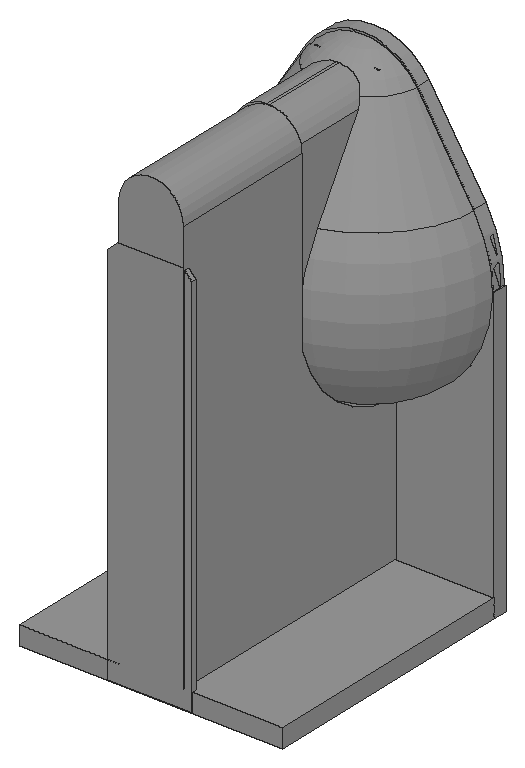
Revit family "Toilet-Willoughby-ASETWS-1490-FM-BS", category Plumbing Fixtures, Revit 2015
Parameters (values of type "Standard")
  Waste DIA = 2 3/8"
  Waste Connection = yes
  W-RAD [instance] = Waste DIA / 2  # 0' - 1 3/16"
  Vent Connection = no
  URL = "https://www.willoughby-ind.com/wp-content/uploads/2018/01/ASETWS-1490-FM.pdf"
  Type Comments = ""
  Revision = "A"
  Model = "ASETWS-1490-FM-BS"
  Manufacturer = "Willoughby Industries"
  HW Connection = no
  Flush inlet DIA = 1 1/2"
  Flush Inlet Connection = yes
  Fixture Body = Stainless Steel AISI 304-Willoughby
  F-RAD [instance] = Flush inlet DIA / 2  # 0' - 0 3/4"
  Description = "Ligature resistant, Wall Outlet, Floor Mounted siphon jet Toilet, Back Spud"
  Default Elevation = 0' - 0"
  Contact Number = "(800) 428-4065"
  CW Connection = no
Reference planes (in)
  plane 1 "Base": y = -16.25
  plane 2: z = 0
  plane 3 "Center": x = 18.31072
  plane 4 "ref": y = -4.75
  plane 5: y = -1.25
  plane 6: z = -6.75
  plane 7: y = -2.125
  plane 8: y = -14.0625
  plane 9: y = 0.5
  plane 10: x = 16.56072
  plane 11: x = 20.06072
  plane 12: x = 11.56072
  plane 13: x = 25.06072
  plane 14: z = -3
  plane 15: z = 25
  plane 16 "Waste HGT": y = -10.75
  plane 17: y = -3.125
Forms (in)
  Extrusion 1, solid, material "Stainless Steel AISI 304-Willoughby" <- "Fixture Body"
    sketch origin (16.08109, 7.47968, -7.1422) x (-1, 0, 0) y (0, 0, -1)
      loop
        line (4.79775, -22.86304) -> (4.83287, -22.86304) -> (4.83287, -7.1422) -> (-2.22963, -7.1422) -> (-9.29213, -7.1422) -> (-9.29213, -22.86304) -> (-9.20225, -22.86304)
        arc (-9.20225, -22.86304) -> (-8.94967, -24.72647) -> (-8.21015, -26.45542) r 7
        line (-8.21015, -26.45542) -> (-5.16818, -31.31054)
        arc (-5.16818, -31.31054) -> (-2.20225, -32.95225) -> (0.76368, -31.31054) r 3.5
        line (0.76368, -31.31054) -> (3.80565, -26.45542)
        arc (3.80565, -26.45542) -> (4.54517, -24.72647) -> (4.79775, -22.86304) r 7
      loop
        arc (2.03989, -24.70557) -> (-2.20225, -18.23804) -> (-6.44438, -24.70557) r 4.625
        line (-6.44438, -24.70557) -> (-4.04125, -30.23842)
        arc (-4.04125, -30.23842) -> (-2.20225, -31.45225) -> (-0.36324, -30.23842) r 2
        line (-0.36324, -30.23842) -> (2.03989, -24.70557)
    from 8.72968 to 9.5
  Revolve 2, solid, material "Stainless Steel AISI 304-Willoughby" <- "Fixture Body"
    sketch origin (19.37246, -1.52032, -3.93826) x (-1, 0, 0) y (0, 0, -1)
      loop
        line (1.06174, -12.59906) -> (1.06174, -12.84906)
        arc (1.06174, -12.84906) -> (6.96784, -16.33096) -> (6.78077, -23.18447) r 6.75
        line (6.78077, -23.18447) -> (3.81535, -27.91457)
        arc (3.81535, -27.91457) -> (2.63527, -29.03194) -> (1.06174, -29.43826) r 3.25
        line (1.06174, -29.43826) -> (1.06174, -29.68826)
        arc (1.06174, -29.68826) -> (2.75672, -29.25045) -> (4.02767, -28.04656) r 3.5
        line (4.02767, -28.04656) -> (7.06964, -23.19143)
        arc (7.06964, -23.19143) -> (7.15052, -16.14555) -> (1.06174, -12.59906) r 7
      axis (1.06174, -12.59906) -> (1.06174, -29.68826)
    angle from 0 to -180
  Extrusion 3, solid, material "Stainless Steel AISI 304-Willoughby" <- "Fixture Body"
    sketch origin (19.53334, -3.02032, -4.9508) x (0, 1, 0) y (0, 0, 1)
      loop
        line (-5.27082, 4.9508) -> (1, 4.9508) -> (1, 13.76086)
        arc (1, 13.76086) -> (-2.93256, 15.26109) -> (-5.27082, 18.76086) r 6.92744
        line (-5.27082, 18.76086) -> (-5.27082, 4.9508)
    from 0.52738 to -2.97262
  Extrusion 4, solid, material "Stainless Steel AISI 304-Willoughby" <- "Fixture Body"
    sketch origin (0, 8.59309, -3) x (1, 0, 0) y (0, 1, 0)
      loop
        circle (18.31072, -19.34309) r 1.1875
    from 5.5 to 0
  Extrusion 5, solid, material "Stainless Steel AISI 304-Willoughby" <- "Fixture Body"
    sketch origin (0, -3.625, 0) x (1, 0, 0) y (0, 1, 0)
      loop
        circle (18.31072, 0.5) r 0.75
    from 0 to 1
  Extrusion 6, solid, material "Stainless Steel AISI 304-Willoughby" <- "Fixture Body"
    sketch origin (0, -16.25, 0) x (1, 0, 0) y (0, 0, 1)
      loop
        line (11.24822, 0) -> (25.37322, 0) -> (25.37322, 0.99998) -> (11.24822, 0.99998) -> (11.24822, 0)
    from -14.22968 to 0
  Extrusion 7, solid, material "Stainless Steel AISI 304-Willoughby" <- "Fixture Body"
    sketch origin (0, -16.25, 0) x (1, 0, 0) y (0, 0, 1)
      loop
        line (20.06072, 0) -> (20.06072, 23.28412)
        arc (20.06072, 23.28412) -> (18.31072, 25.03412) -> (16.56072, 23.28412) r 1.75
        line (16.56072, 23.28412) -> (16.56072, 0) -> (20.06072, 0)
    from 0 to -7.95886
  Extrusion 8, solid, material "Stainless Steel AISI 304-Willoughby" <- "Fixture Body"
    sketch origin (-0.06578, -16.25, 7) x (1, 0, 0) y (0, 0, 1)
      loop
        line (20.06072, -7) -> (20.56072, -7) -> (20.56072, 13.75) -> (20.06072, 14.25) -> (16.56072, 14.25) -> (16.06072, 13.75) -> (16.06072, -7) -> (16.56072, -7) -> (20.06072, -7)
    from 0 to -0.25
  Extrusion 9, solid, material "Stainless Steel AISI 304-Willoughby" <- "Fixture Body"
    sketch origin (18.31072, 0, 0) x (0, 1, 0) y (0, 0, 1)
      loop
        line (-3.0438, 25.03193) -> (-8.29114, 25.03193) -> (-8.29114, 16.73622)
        arc (-8.29114, 16.73622) -> (-8.25839, 17.11069) -> (-8.16113, 17.47379) r 2.15729
        arc (-8.16113, 17.47379) -> (-7.78826, 18.37428) -> (-7.33828, 19.23882) r 11.16687
        arc (-7.33828, 19.23882) -> (-5.85557, 21.70663) -> (-4.28753, 24.12112) r 82.3759
        arc (-4.28753, 24.12112) -> (-3.71235, 24.64027) -> (-3.0438, 25.03193) r 3.79911
    from 1.75 to -1.75
  Extrusion 10, void
    sketch origin (0, -16.25, 0) x (1, 0, 0) y (0, 0, 1)
      loop
        arc (16.43207, 23.28193) -> (16.94463, 24.51936) -> (18.18207, 25.03193) r 1.75
        line (18.18207, 25.03193) -> (16.43207, 25.03193) -> (16.43207, 23.28193)
    from -7.95886 to -13.18331
  Extrusion 11, void
    sketch origin (0, -16.25, 0) x (1, 0, 0) y (0, 0, 1)
      loop
        arc (18.34313, 25.03193) -> (19.49966, 24.59853) -> (20.12234, 23.53193) r 1.84176
        line (20.12234, 23.53193) -> (20.12234, 25.03193) -> (18.34313, 25.03193)
    from -7.95886 to -13.18919
Cuts and joins
  joined: Extrusion 3, Extrusion 6, Extrusion 7
  Extrusion 10, Extrusion 11 cuts Extrusion 9
Lines and regions (in)
  symbolic lines
    curve 1: line (13.81072, -16.25, 0) -> (13.81072, -1.25, 0)
    curve 2: line (22.81072, -16.25, 0) -> (22.81072, -1.25, 0)
    curve 3: line (13.81072, -16.25, 0) -> (22.81072, -16.25, 0)
    curve 4: line (11.28334, -2.02032, 0) -> (11.28334, -1.25, 0)
    curve 5: line (11.28334, -1.25, 0) -> (25.28334, -1.25, 0)
    curve 6: line (25.28334, -1.25, 0) -> (25.28334, -2.02032, 0)
    curve 7: line (14.78334, -1.25, 0) -> (14.78334, 1.75, 0)
    curve 8: line (14.78334, 1.75, 0) -> (21.81072, 1.75, 0)
    curve 9: line (21.81072, 1.75, 0) -> (21.81072, -1.25, 0)
    curve 10: arc (25.28334, -2.02032, 0) -> (23.08185, -6.64916, 0) -> (18.31072, -8.52239, 0) r 6.97293
    curve 11: arc (18.31072, -8.52239, 0) -> (13.52793, -6.64299, 0) -> (11.28334, -2.02032, 0) r 7.06571
    curve 12: line (16.56072, -8.2982, 0) -> (16.56072, -16.25, 0)
    curve 13: line (20.06072, -16.25, 0) -> (20.06072, -8.30327, 0)
    curve 18: line (13.81072, -16.25, 0) -> (22.81072, -16.25, 0)
    curve 19: line (22.81072, -16.25, 0) -> (22.81072, -16.25, 1)
    curve 20: line (22.81072, -16.25, 1) -> (21.81072, -16.25, 1)
    curve 21: line (21.81072, -16.25, 0) -> (21.81072, -16.25, 9.67456)
    curve 22: line (14.78334, -16.25, 0) -> (14.78334, -16.25, 9.65867)
    curve 23: line (14.78334, -16.25, 1) -> (13.81072, -16.25, 1)
    curve 24: line (13.81072, -16.25, 1) -> (13.81072, -16.25, 0)
    curve 25: line (21.81072, -16.25, 5) -> (14.78334, -16.25, 5)
    curve 26: arc (21.81072, -16.25, 9.67456) -> (25.06245, -16.25, 13.97624) -> (24.29124, -16.25, 19.31322) r 7
    curve 27: line (24.29124, -16.25, 19.31322) -> (21.24927, -16.25, 24.16835)
    curve 28: arc (21.24927, -16.25, 24.16835) -> (19.98923, -16.25, 25.34792) -> (18.31072, -16.25, 25.75) r 3.37397
    curve 29: arc (18.31072, -16.25, 25.75) -> (16.62783, -16.25, 25.31163) -> (15.31741, -16.25, 24.16835) r 3.79331
    curve 30: line (15.31741, -16.25, 24.16835) -> (12.35249, -16.25, 19.43905)
    curve 31: arc (12.35249, -16.25, 19.43905) -> (11.49002, -16.25, 14.03241) -> (14.78334, -16.25, 9.65867) r 7
    curve 37: line (18.31072, -8.45513, 16.43593) -> (18.31072, -16.25, 16.43593)
    curve 38: line (18.31072, -16.25, 16.43593) -> (18.31072, -16.25, 0)
    curve 39: line (18.31072, -16.25, 0) -> (18.31072, 1.75, 0)
    curve 40: line (18.31072, -1.25, 5) -> (18.31072, -1.25, 25.81005)
    curve 41: line (18.31072, -1.25, 25.81005) -> (18.31072, -2.02032, 25.81005)
    curve 42: arc (18.31072, -2.02032, 25.81005) -> (18.31072, -3.17426, 25.3587) -> (18.31072, -4.14211, 24.58504) r 4.1253
    curve 43: line (18.31072, -4.14211, 24.58504) -> (18.31072, -7.52822, 19.25317)
    curve 44: arc (18.31072, -7.52822, 19.25317) -> (18.31072, -8.16721, 17.9023) -> (18.31072, -8.45513, 16.43593) r 6.04234
    curve 45: arc (18.31072, -8.45513, 16.43593) -> (18.31072, -8.2983, 15.12766) -> (18.31072, -8.29114, 13.81005) r 11.57712
    curve 46: arc (18.31072, -8.29114, 13.81005) -> (18.31072, -5.95289, 10.31029) -> (18.31072, -2.02032, 8.81005) r 6.92744
    curve 47: line (18.31072, -1.25, 9.65867) -> (18.31072, -2.02032, 9.65867)
    curve 48: line (18.31072, -2.02032, 9.65867) -> (18.31072, -2.02032, 1)
    curve 49: line (18.31072, -2.02032, 1) -> (18.31072, -16.25, 1)
  symbolic lines, detail levels medium+fine
    curve 14: line (20.06072, -16, 0) -> (20.56072, -16, 0)
    curve 15: line (20.56072, -16, 0) -> (20.56072, -16.25, 0)
    curve 16: line (16.56072, -16, 0) -> (16.06072, -16, 0)
    curve 17: line (16.06072, -16, 0) -> (16.06072, -16.25, 0)
  symbolic lines, detail levels fine
    curve 32: arc (14.0412, -16.25, 17.56337) -> (18.28334, -16.25, 11.09585) -> (22.52547, -16.25, 17.56337) r 4.625
    curve 33: line (22.52547, -16.25, 17.56337) -> (20.12234, -16.25, 23.09622)
    curve 34: arc (20.12234, -16.25, 23.09622) -> (19.38317, -16.25, 23.97635) -> (18.28334, -16.25, 24.31005) r 2.01767
    curve 35: arc (18.28334, -16.25, 24.31005) -> (17.17969, -16.25, 23.98213) -> (16.44433, -16.25, 23.09622) r 1.9827
    curve 36: line (16.44433, -16.25, 23.09622) -> (14.0412, -16.25, 17.56337)
Dimensions and locks (in)
  locked: plane 1 "Base" to plane 4 "ref" at 11.5
  locked: plane 1 "Base" to plane 5 at 15
  locked: plane 1 "Base" to plane 9 at 16.75
  plane 15 to level = 2' - 1"
  plane 5 to plane 1 "Base" = 1' - 3"
  "W-RAD": radius of Extrusion 4 sketch curve
  "F-RAD": radius of Extrusion 5 sketch curve
  aligned and locked: plane 3 "Center" to Extrusion 4 sketch curve
  aligned and locked: plane 3 "Center" to Extrusion 5 sketch curve
Automatic sketch dimensions
  plane 5 to curve 5 = 0' - 0"
  plane 1 "Base" to curve 3 = 0' - 0"
  curve 16 to plane 10 = 0' - 0"
  curve 11 to plane 3 "Center" = 0' - 0"
  curve 10 to plane 3 "Center" = 0' - 0"
  curve 13 to plane 11 = 0' - 0"
  curve 16 to plane 1 "Base" = 0' - 0 1/4"
  curve 16 to plane 10 = 0' - 0 1/2"
  curve 8 to plane 10 = 0' - 1.77738"
  curve 1 to curve 17 = 0' - 2 1/4"
  plane 7 to curve 4 = 0' - 0.10468"
  curve 4 to plane 12 = 0' - 0.27738"
  plane 3 "Center" to curve 10 = 0' - 0 1/64"
  plane 3 "Center" to curve 11 = 0' - 0.01581"
  curve 14 to curve 14 = 0' - 0 1/2"
  plane 11 to curve 8 = 0' - 1 3/4"
  curve 3 to plane 13 = 0' - 2 1/4"
  curve 2 to curve 5 = 0' - 2.47262"
  curve 15 to curve 14 = 0' - 0 1/4"
  plane 7 to curve 6 = 0' - 0.10468"
  curve 8 to plane 9 = 0' - 1 1/4"
  curve 38 to plane 1 "Base" = 0' - 0"
  curve 40 to plane 5 = 0' - 0"
  plane 1 "Base" to curve 45 = 0' - 3.6029"
  plane 4 "ref" to curve 37 = 0' - 3.70513"
  plane 4 "ref" to curve 43 = 0' - 2.77822"
  curve 43 to plane 4 "ref" = 0' - 0.60789"
  curve 44 to plane 7 = 0' - 0.30255"
  plane 7 to curve 48 = 0' - 0.10468"
  plane 7 to curve 41 = 0' - 0.10468"
  plane 5 to curve 46 = 0' - 0.38413"
  curve 42 to plane 5 = 0' - 0.13839"
  level to curve 49 = 0' - 1"
  curve 45 to plane 15 = 0' - 10.59394"
  curve 47 to curve 46 = 0' - 6.06805"
  curve 46 to curve 44 = 0' - 0.28717"
  curve 45 to curve 38 = 0' - 2.02987"
  curve 42 to plane 15 = 0' - 3.21392"
  curve 43 to plane 15 = 0' - 0.41496"
  curve 45 to curve 46 = 0' - 0.16399"
  curve 26 to curve 31 = 0' - 0"  (x2)
  curve 26 to curve 32 = 0' - 0"  (x2)
  curve 31 to curve 32 = 0' - 0"  (x2)
  curve 24 to level = 0' - 0"
  curve 28 to plane 3 "Center" = 0' - 0"
  curve 29 to plane 3 "Center" = 0' - 0"
  curve 32 to plane 3 "Center" = 0' - 0.02738"
  curve 35 to plane 3 "Center" = 0' - 0.03882"
  curve 34 to curve 35 = 0' - 0.0002"
  curve 36 to plane 10 = 0' - 0.11639"
  curve 30 to plane 10 = 0' - 1.24331"
  curve 22 to plane 10 = 0' - 1.77738"
  plane 12 to curve 36 = 0' - 2 123/256"
  curve 18 to curve 22 = 0' - 0.97262"
  plane 12 to curve 30 = 0' - 0.79177"
  plane 3 "Center" to curve 28 = 0' - 0.07942"
  plane 3 "Center" to curve 29 = 0' - 0.08929"
  plane 11 to curve 33 = 0' - 0.06162"
  curve 27 to plane 15 = 0' - 0.83165"
  plane 11 to curve 27 = 0' - 1.18855"
  plane 11 to curve 21 = 0' - 1 3/4"
  plane 11 to curve 33 = 0' - 2.46475"
  curve 20 to curve 19 = 0' - 1"
  curve 27 to plane 13 = 0' - 0.76948"
  curve 18 to curve 19 = 0' - 1"
  curve 18 to curve 24 = 0' - 1"
  curve 23 to curve 22 = 0' - 8.65867"
  curve 22 to curve 21 = 0' - 0.01589"
  curve 22 to curve 31 = 0' - 6.06218"
  curve 36 to curve 30 = 0' - 1.87568"
  curve 29 to plane 15 = 0' - 3.04226"
  curve 34 to curve 28 = 0' - 0.08455"
  curve 34 to curve 35 = 0' - 0.03496"
  curve 36 to curve 29 = 0' - 1.07212"
  curve 33 to curve 27 = 0' - 1.07212"
  curve 20 to curve 25 = 0' - 4"
  Revolve 2 sketch curve to Revolve 2 sketch curve = 0' - 0"  (x2)
  Revolve 2 sketch curve to plane 3 "Center" = 0' - 0"  (x3)
  plane 3 "Center" to Revolve 2 sketch curve = 0' - 0"
  Revolve 2 sketch curve to plane 10 = 0' - 1.00361"
  Revolve 2 sketch curve to plane 15 = 0' - 0.8917"
  Revolve 2 sketch curve to Revolve 2 sketch curve = 0' - 0.21232"
  plane 12 to Revolve 2 sketch curve = 0' - 1.03097"
  Revolve 2 sketch curve to Revolve 2 sketch curve = 0' - 0.28887"
  plane 15 to Revolve 2 sketch curve = 0' - 0 1/2"
  Revolve 2 sketch curve to Revolve 2 sketch curve = 0' - 0 1/4"
  Revolve 2 sketch curve to Revolve 2 sketch curve = 0' - 0.13199"
  Revolve 2 sketch curve to Revolve 2 sketch curve = 0' - 4.85513"
  Revolve 2 sketch curve to Revolve 2 sketch curve = 0' - 0.00696"
  Revolve 2 sketch curve to Revolve 2 sketch curve = 0' - 6.5892"
  Revolve 2 sketch curve to Revolve 2 sketch curve = 0' - 3 1/4"
  Revolve 2 sketch curve to Revolve 2 sketch curve = 0' - 2.4108"
  Extrusion 3 sketch curve to level = 0' - 0"
  plane 4 "ref" to Extrusion 3 sketch curve = 0' - 3.54114"
  plane 7 to Extrusion 3 sketch curve = 0' - 0.10468"
  plane 5 to Extrusion 3 sketch curve = 0' - 0.38413"
  Extrusion 3 sketch curve to Extrusion 3 sketch curve = 0' - 8.81005"
  Extrusion 3 sketch curve to Extrusion 3 sketch curve = 0' - 5"
  Extrusion 7 sketch curve to level = 0' - 0"
  Extrusion 7 sketch curve to plane 10 = 0' - 0"
  Extrusion 7 sketch curve to plane 3 "Center" = 0' - 0"
  Extrusion 7 sketch curve to plane 15 = 0' - 1.71588"
  Extrusion 8 sketch curve to level = 0' - 0"
  Extrusion 8 sketch curve to plane 10 = 0' - 0.56578"
  Extrusion 8 sketch curve to plane 10 = 0' - 0.06578"  (x2)
  Extrusion 8 sketch curve to plane 11 = 0' - 0.06578"  (x2)
  plane 11 to Extrusion 8 sketch curve = 0' - 0.43422"
  Extrusion 8 sketch curve to plane 15 = 0' - 4 1/4"  (x2)
  Extrusion 8 sketch curve to Extrusion 8 sketch curve = 0' - 0 1/2"
  plane 15 to Extrusion 9 sketch curve = 0' - 0.03193"
  plane 4 "ref" to Extrusion 9 sketch curve = 0' - 3.54114"
  plane 4 "ref" to Extrusion 9 sketch curve = 0' - 1.38385"
  Extrusion 9 sketch curve to plane 7 = 0' - 0.9188"
  plane 5 to Extrusion 9 sketch curve = 0' - 0.21771"
  Extrusion 9 sketch curve to plane 9 = 0' - 1.83279"
  Extrusion 9 sketch curve to plane 6 = 1' - 3.19552"
  Extrusion 9 sketch curve to plane 9 = 5' - 3.50343"
  Extrusion 9 sketch curve to plane 15 = 0' - 11.34412"
  Extrusion 9 sketch curve to plane 15 = 0' - 8.26378"
  Extrusion 9 sketch curve to plane 15 = 0' - 3.42484"
  Extrusion 9 sketch curve to Extrusion 9 sketch curve = 0' - 0"  (x2)
  plane 15 to Extrusion 10 sketch curve = 0' - 0.03193"
  Extrusion 10 sketch curve to plane 10 = 0' - 0.12865"
  Extrusion 10 sketch curve to plane 3 "Center" = 0' - 0.12865"
  plane 3 "Center" to Extrusion 11 sketch curve = 0' - 0.0018"
  plane 15 to Extrusion 11 sketch curve = 0' - 0.03193"
  plane 11 to Extrusion 11 sketch curve = 0' - 0.06162"
  plane 3 "Center" to Extrusion 11 sketch curve = 0' - 0.03241"
  Extrusion 11 sketch curve to plane 15 = 0' - 1.46807"
  curve 39 to level = 0' - 0"
  curve 39 to plane 9 = 0' - 1 1/4"
  curve 48 to curve 40 = 0' - 4"
  curve 40 to curve 47 = 0' - 4.65867"
  Extrusion 4 sketch curve to plane 16 "Waste HGT" = 0' - 0"
  Extrusion 5 sketch curve to plane 17 = 0' - 0"
  Extrusion 1 sketch curve to Extrusion 1 sketch curve = 0' - 0"  (x6)
  Extrusion 1 sketch curve to level = 0' - 0"
  Extrusion 1 sketch curve to plane 3 "Center" = 0' - 0"
  plane 11 to Extrusion 1 sketch curve = 0' - 0.06162"
  plane 11 to Extrusion 1 sketch curve = 0' - 1.18855"
  plane 11 to Extrusion 1 sketch curve = 0' - 2.46475"
  Extrusion 1 sketch curve to plane 13 = 0' - 0.76948"
  plane 13 to Extrusion 1 sketch curve = 0' - 0 5/16"
  Extrusion 1 sketch curve to plane 3 "Center" = 0' - 0.02738"  (x2)
  Extrusion 1 sketch curve to plane 10 = 0' - 0.11639"
  Extrusion 1 sketch curve to plane 15 = 0' - 0.83165"
  Extrusion 1 sketch curve to plane 10 = 0' - 1.24331"
  plane 12 to Extrusion 1 sketch curve = 0' - 0.71472"
  Extrusion 1 sketch curve to plane 12 = 0' - 0 5/16"
  Extrusion 1 sketch curve to Extrusion 1 sketch curve = 0' - 1.07212"
  Extrusion 1 sketch curve to Extrusion 1 sketch curve = 0' - 0.78617"
  Extrusion 1 sketch curve to Extrusion 1 sketch curve = 0' - 3.783"
  Extrusion 1 sketch curve to Extrusion 1 sketch curve = 0' - 1.74985"
  Extrusion 1 sketch curve to Extrusion 1 sketch curve = 0' - 1.84253"  (x2)
  Extrusion 1 sketch curve to plane 10 = 0' - 5.27738"
  Extrusion 6 sketch curve to level = 0' - 0"
  Extrusion 6 sketch curve to plane 12 = 0' - 0 5/16"
  plane 13 to Extrusion 6 sketch curve = 0' - 0 5/16"
  level to Extrusion 6 sketch curve = 0' - 0.99998"
Connectors (in)
  piping at (18.31072, -10.75, -3), diameter 2.375, driven by "W-RAD", driven by "Waste Connection"
    settings: on Extrusion 4, index 1, connector inside diameter 2 1/2", connector length 0' - 0", flow factor 0, pipe flow 0 GPM, pressure drop 0.00 psi, fitting loss kfactor 0, connector angle 0.00°, fixture units 0, engagement length 0' - 0", angle of deflection 0.00°, flow configuration 0, flow direction 2, fitting loss method 0, system type 16, joint type 0, gender type 0, connector reference index -1, connector utility 1, adjustable connector yes, is connector primary yes, connector description "Toilet Waste"
  piping at (18.31072, -3.125, 1), diameter 1.5, driven by "F-RAD", driven by "Flush Inlet Connection"
    settings: on Extrusion 5, index 2, connector inside diameter 1 1/2", connector length 0' - 0", flow factor 0, pipe flow 0 GPM, pressure drop 0.00 psi, fitting loss kfactor 0, connector angle 0.00°, fixture units 0, engagement length 0' - 0", angle of deflection 0.00°, flow configuration 0, flow direction 1, fitting loss method 0, system type 20, joint type 0, gender type 0, connector reference index -1, connector utility 1, adjustable connector no, is connector primary no, connector description "Flush Inlet"
